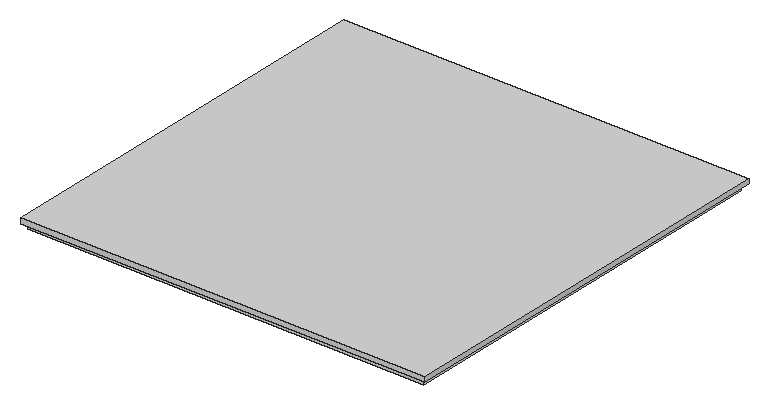
Revit family "solaton-light_600x600", category 機械設備, Revit 2022
Family settings
  丸型コネクタ寸法 = 直径を使用
  種別 = なし
  パーツ タイプ = 標準
  作業面ベース = いいえ
  常に垂直 = はい
  ロード時にボイドで切り取り = いいえ
  注釈の向きを維持 = いいえ
  共有 = いいえ
  部屋計算ポイント = いいえ
Parameters
  製造元 = "株式会社桐井製作所"
  既定の高さ = 0 mm
  URL = "https://www.kirii.co.jp/"
  K_長さ(mm) = 592 mm
  K_品名 = "ソーラトンライト・グリッド(600×600用)"
  K_名称 = "岩綿吸音板"
  K_備考 = "対象Tバー:eY4815、eT4015"
  K_バージョン情報 = "20220915"
Reference planes
  plane 1 "中心(正面/背面)": y = 0
  plane 2: z = 0
  plane 3 "中心(左/右)": x = 0
Forms (mm)
  Extrusion 1, solid, material "石膏"
    sketch origin (0, 0, 0) x (0, 1, 0) y (0, 0, 1)
      loop
        line (-290, 0) -> (290, 0) -> (290, 8) -> (296, 8) -> (296, 15) -> (-296, 15) -> (-296, 8) -> (-290, 8) -> (-290, 0)
    from -296 to 296
  Extrusion 2, void
    sketch origin (0, 0, 0) x (1, 0, 0) y (0, 0, 1)
      loop
        line (-296, 8) -> (-296, 0) -> (-290, 0) -> (-290, 8) -> (-296, 8)
      loop
        line (290, 8) -> (290, 0) -> (296, 0) -> (296, 8) -> (290, 8)
    from -290 to 290
Cuts and joins
  Extrusion 2 cuts Extrusion 1
Dimensions and locks
  aligned and locked: level to plane 2
